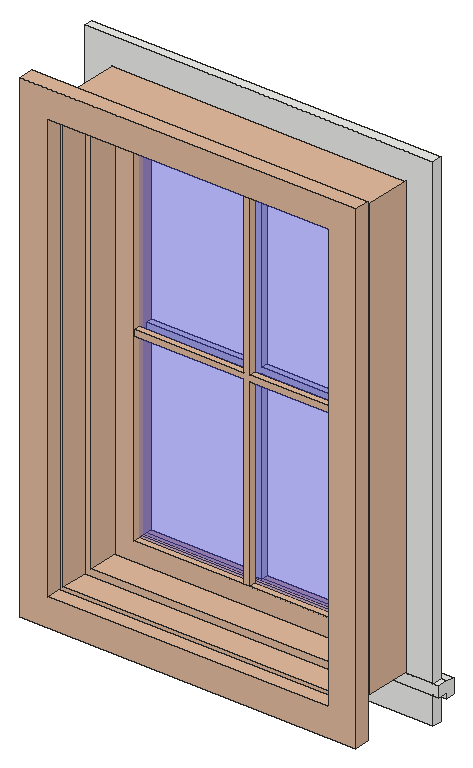
Revit family "14e2b16ae8e34031bfa141e82d20a8f4", category Windows, host Wall, Revit 2021
Family settings
  Host = Wall
  OmniClass Number = 23.30.20.00
  OmniClass Title = Windows
  Always vertical = Yes
  Cut with Voids When Loaded = No
  Shared = No
  Room Calculation Point = No
Parameters (values of type "24" x 36"")
  Window Inset [instance] = 0' - 0"
  Wall Thickness [instance] = 0' - 6"
  Visual Light Transmittance = 0.81
  Thermal Resistance (R) = 1.8146 (h·ft²·°F)/BTU
  Solar Heat Gain Coefficient = 0.76
  Rough Width = Width + 0' 0 1/2"  # 2' - 0 1/2"
  Rough Height = Height + 0' 0 1/2"  # 3' - 0 1/2"
  Muntin Visibility = yes
  Muntin Pattern = Muntin Pattern_2x2 : Muntin Pattern_2x2
  Interior Wall Closure [instance] = 0' - 2 1/4"
  Interior Trim Visibility [instance] = yes
  Interior Trim Material = Wood - Stained
  Interior Trim = Trim-Window-Interior-Flat : Picture Frame
  Interior Frame Material = Wood - Stained
  Height = 3' - 0"
  Heat Transfer Coefficient (U) = 0.5511 BTU/(h·ft²·°F)
  Glass Panel Material = Glass
  Frame Extension [instance] = if(Exterior Trim Visibility, Window Inset + 0' 0 1/4", 0' 0 1/4")  # 0' - 0 1/4"
  Fire Rating = "0.5h"
  Exterior Wall Closure [instance] = 0' - 1 1/4"
  Exterior Trim Visibility [instance] = yes
  Exterior Trim Material = Clad - White
  Exterior Trim = Trim-Window-Exterior-Flat : with Sill
  Exterior Frame Material = Clad - White
  Extension Jamb Visibility [instance] = and(Interior Trim Visibility, Wall Thickness - Window Inset > 0' 3 3/4")  # yes
  Extension Jamb [instance] = if(Wall Thickness - Window Inset > 0' 3 3/4", Wall Thickness - Window Inset - 0' 3 3/4", 0' 1")  # 0' - 2 1/4"
  Default Sill Height = 3' - 0"
  Wall Closure = By host
  Width = 2' - 0"
  Assembly Code = "B2020100"
  Analytic Construction = "Double glazing - domestic"
Reference planes (in)
  plane 1 "Center (Front/Back)": y = 0
  plane 2: z = 0
  plane 3 "Center (Left/Right)": x = 0
  plane 4 "Left": x = -12
  plane 5 "Right": x = 12
  plane 6 "Sill": z = 36
  plane 7 "Top": z = 72
  plane 8 "Exterior": y = 3
  plane 9 "Interior": y = -3
  plane 10 "Inset Face": y = 3
  plane 11 "Jamb": y = -0.75
  plane 12 "Sash Face": y = 3.5
  plane 13 "Wall Closure": y = -0.75
  plane 14: y = 2.25
  plane 15: z = 36.5
  plane 16: x = 11.5
  plane 17: x = 9.25
  plane 18: x = -9.25
  plane 19: x = -11.5
  plane 20: z = 71.5
  plane 21: z = 69.25
  plane 22: z = 38.75
  plane 23: y = 1.75
  plane 24: y = 3.75
  plane 25: y = 2.625
  plane 26 "Middle": z = 54
  plane 27: y = -0.75
  plane 28: y = 1.75
  plane 29: y = 3.75
Forms (in)
  Extrusion 1, solid, material "Wood - Stained" <- "Interior Frame Material", visible <- "Extension Jamb Visibility"
    sketch origin (0, 0, 0) x (1, 0, 0) y (0, 0, 1)
      loop
        line (12, 72) -> (-12, 72) -> (-12, 36) -> (12, 36) -> (12, 72)
      loop
        line (11.25, 71.25) -> (-11.25, 71.25) -> (-11.25, 36.75) -> (11.25, 36.75) -> (11.25, 71.25)
    from 0.75 to 3
  Sweep 2, solid, material "Wood - Stained" <- "Interior Frame Material"
    path origin (0, 3.5, 0) x (-1, 0, 0) y (0, 0, 1)
      loop
        line (-11.5, 71.5) -> (-11.5, 36.5) -> (11.5, 36.5) -> (11.5, 71.5) -> (-11.5, 71.5)
    profile origin (11.5, 3.5, 54) x (1, 0, 0) y (0, 1, 0)
      loop
        line (-2.25, 0) -> (-2.25, -1.75) -> (0, -1.75) -> (0, 0) -> (-2.25, 0)
  Extrusion 3, solid, material "Glass" <- "Glass Panel Material"
    sketch origin (0, 0, 36) x (0, -1, 0) y (1, 0, 0)
      loop
        line (-3, -9.25) -> (-2.75, -9.25) -> (-2.75, 9.25) -> (-3, 9.25) -> (-3, -9.25)
      loop
        line (-2.5, -9.25) -> (-2.25, -9.25) -> (-2.25, 9.25) -> (-2.5, 9.25) -> (-2.5, -9.25)
    from 2.75 to 33.25
  Sweep 4, solid, material "Wood - Stained" <- "Interior Frame Material"
    path origin (0, 0, 0) x (1, 0, 0) y (0, 0, 1)
      loop
        line (12, 72) -> (-12, 72) -> (-12, 36) -> (12, 36) -> (12, 72)
    profile origin (12, 0, 54) x (0, -1, 0) y (1, 0, 0)
      loop
        line (-3.75, -0.5) -> (-1.75, -0.5) -> (-1.75, -1.25) -> (0.75, -1.25) -> (0.75, 0) -> (-3.75, 0) -> (-3.75, -0.5)
Lines and regions (in)
  Opening 1
    outline origin (-60, -3, 0) x (1, 0, 0) y (0, 0, 1)
      loop
        line (48, 72) -> (48, 36) -> (72, 36) -> (72, 72) -> (48, 72)
  Split face 1
    outline origin (-9.25, 1.75, 38.75) x (1, 0, 0) y (0, 1, 0)
      loop
        line (0, 1.25) -> (18.5, 1.25)
  Split face 2
    outline origin (9.25, 1.75, 38.75) x (0, 0, 1) y (0, 1, 0)
      loop
        line (0, 1.25) -> (30.5, 1.25)
  Split face 3
    outline origin (-9.25, 1.75, 69.25) x (0, 0, -1) y (0, 1, 0)
      loop
        line (0, 1.25) -> (30.5, 1.25)
  Split face 4
    outline origin (9.25, 1.75, 69.25) x (0, 1, 0) y (-1, 0, 0)
      loop
        line (1.25, 18.5) -> (1.25, 0)
  Split face 5
    outline origin (-11.5, 3.75, 71.5) x (0, -1, 0) y (1, 0, 0)
      loop
        line (0.25, 23) -> (0.25, 0)
  Split face 6
    outline origin (11.5, 3.75, 71.5) x (0, 0, -1) y (0, -1, 0)
      loop
        line (0, 0.25) -> (35, 0.25)
  Split face 7
    outline origin (11.5, 3.75, 36.5) x (-1, 0, 0) y (0, -1, 0)
      loop
        line (23, 0.25) -> (0, 0.25)
  Split face 8
    outline origin (-11.5, 3.75, 36.5) x (0, 0, 1) y (0, -1, 0)
      loop
        line (0, 0.25) -> (35, 0.25)
  symbolic lines, style "Elevation Swing"
    curve 1: line (0, -3, 71.5) -> (11.5, -3, 36.5)
    curve 2: line (0, -3, 71.5) -> (-11.5, -3, 36.5)
Text (in)
  text "EXTERIOR" at (-58.6888, 50.90694, 0), in view "Ref. Level"
  text "INTERIOR" at (-58.6888, -37.76638, 0), in view "Ref. Level"
  text "Exterior" at (0, 43.65631, 123.19604), in view "Left"
  text "Exterior" at (0, 18.29385, 125.04747), in view "Right"
Dimensions and locks (in)
  equal spacing: plane 4 "Left", plane 3 "Center (Left/Right)", plane 5 "Right"
  "Width": plane 4 "Left" to plane 5 "Right"
  "Height": plane 6 "Sill" to plane 7 "Top"
  "Default Sill Height": plane 2 to plane 6 "Sill"
  "Window Inset": plane 8 "Exterior" to plane 10 "Inset Face"
  "Extension Jamb": plane 11 "Jamb" to plane 9 "Interior"
  locked: plane 12 "Sash Face" to plane 10 "Inset Face" at 0.5
  locked: plane 10 "Inset Face" to plane 13 "Wall Closure" at 3.75
  locked: plane 10 "Inset Face" to plane 14 at 0.75
  locked: plane 6 "Sill" to plane 15 at 0.5
  locked: plane 16 to plane 5 "Right" at 0.5
  locked: plane 17 to plane 16 at 2.25
  locked: plane 4 "Left" to plane 19 at 0.5
  locked: plane 19 to plane 18 at 2.25
  locked: plane 20 to plane 7 "Top" at 0.5
  equal spacing: Extrusion 3 sketch curve, Extrusion 3 sketch curve, Extrusion 3 sketch curve, Extrusion 3 sketch curve
  locked: plane 15 to plane 22 at 2.25
  locked: plane 21 to plane 20 at 2.25
  locked: plane 14 to plane 23 at 0.5
  locked: plane 24 to plane 8 "Exterior" at 0.75
  "Wall Thickness": host wall to host wall
  equal spacing: plane 10 "Inset Face", plane 25, plane 14
  equal spacing: plane 22, plane 26 "Middle", plane 21
  locked: Sweep 4 sketch curve to plane 16 at 0.75
  "Interior Wall Closure": plane 27 to plane 9 "Interior"
  "Exterior Wall Closure": plane 8 "Exterior" to plane 28
  "Frame Extension": plane 29 to plane 12 "Sash Face"
  aligned and locked: plane 7 "Top" to Opening 1 sketch curve
  aligned and locked: plane 6 "Sill" to Opening 1 sketch curve  (x2)
  aligned and locked: plane 5 "Right" to Opening 1 sketch curve
  aligned and locked: plane 4 "Left" to Opening 1 sketch curve
  aligned and locked: level to plane 2
  aligned and locked: plane 8 "Exterior" to host wall
  aligned and locked: plane 9 "Interior" to host wall
  aligned and locked: Extrusion 1 sketch curve to plane 6 "Sill"
  aligned and locked: plane 7 "Top" to Extrusion 1 sketch curve
  aligned and locked: plane 5 "Right" to Extrusion 1 sketch curve
  aligned and locked: Extrusion 1 sketch curve to plane 4 "Left"
  aligned and locked: Extrusion 1 to plane 9 "Interior"
  aligned and locked: plane 11 "Jamb" to Extrusion 1
  aligned and locked: plane 16 to Sweep 2 sketch curve
  aligned and locked: Sweep 2 sketch curve to plane 19
  aligned and locked: Sweep 2 sketch curve to plane 20
  aligned and locked: plane 15 to Sweep 2 sketch curve
  aligned and locked: plane 12 "Sash Face" to Sweep 2 sketch curve
  aligned and locked: Sweep 2 sketch curve to plane 16
  aligned and locked: plane 17 to Sweep 2 sketch curve
  aligned and locked: Extrusion 3 sketch curve to plane 10 "Inset Face"
  aligned and locked: plane 17 to Extrusion 3 sketch curve  (x2)
  aligned and locked: Extrusion 3 sketch curve to plane 18  (x2)
  aligned and locked: plane 21 to Extrusion 3
  aligned and locked: Extrusion 3 to plane 22
  aligned and locked: plane 18 to Split face 1 sketch curve
  aligned and locked: Split face 1 sketch curve to plane 10 "Inset Face"
  aligned and locked: plane 17 to Split face 1 sketch curve
  aligned and locked: plane 21 to Split face 2 sketch curve
  aligned and locked: plane 22 to Split face 2 sketch curve
  aligned and locked: Split face 2 sketch curve to plane 10 "Inset Face"
  aligned and locked: plane 22 to Split face 3 sketch curve
  aligned and locked: plane 21 to Split face 3 sketch curve
  aligned and locked: plane 10 "Inset Face" to Split face 3 sketch curve
  aligned and locked: plane 18 to Split face 4 sketch curve
  aligned and locked: plane 17 to Split face 4 sketch curve
  aligned and locked: Split face 4 sketch curve to plane 10 "Inset Face"
  aligned and locked: plane 3 "Center (Left/Right)" to curve 1
  aligned and locked: plane 16 to curve 1
  aligned and locked: plane 15 to curve 1
  aligned and locked: plane 20 to curve 2
  aligned and locked: plane 15 to curve 2
  aligned and locked: plane 19 to curve 2
  aligned and locked: nested 1 to plane 25
  aligned and locked: plane 22 to nested 1
  aligned and locked: nested 2 to plane 4 "Left"
  aligned and locked: plane 9 "Interior" to nested 2
  aligned and locked: Sweep 4 sketch curve to host wall  (x4)
  aligned and locked: plane 5 "Right" to Sweep 4 sketch curve
  aligned and locked: Sweep 4 sketch curve to plane 16
  aligned and locked: plane 13 "Wall Closure" to Sweep 4 sketch curve
  aligned and locked: Sweep 2 to Sweep 4 sketch curve
  aligned and locked: plane 23 to Sweep 2 sketch curve
  aligned and locked: Split face 5 sketch curve to Sweep 2
  aligned and locked: Split face 6 sketch curve to Sweep 2
  aligned and locked: Split face 7 sketch curve to Sweep 2
  aligned and locked: Split face 8 sketch curve to Sweep 2
  aligned and locked: plane 21 to nested 1
  aligned and locked: nested 1 to plane 18
  aligned and locked: nested 1 to plane 17
  aligned and locked: plane 7 "Top" to nested 3
  aligned and locked: plane 7 "Top" to nested 4
  aligned and locked: nested 3 to plane 3 "Center (Left/Right)"
  aligned and locked: plane 3 "Center (Left/Right)" to nested 4
  aligned and locked: Sweep 4 sketch curve to plane 29
Automatic sketch dimensions
  Extrusion 3 sketch curve to plane 14 = 0' - 0"
  Split face 5 sketch curve to Sweep 4 = 0' - 0"  (x2)
  Sweep 4 to Split face 6 sketch curve = 0' - 0"
  Split face 6 sketch curve to Sweep 4 = 0' - 0"
  Split face 7 sketch curve to Sweep 4 = 0' - 0"  (x2)
  Split face 8 sketch curve to Sweep 4 = 0' - 0"
  Sweep 4 to Split face 8 sketch curve = 0' - 0"
  Extrusion 1 sketch curve to plane 19 = 0' - 0 1/4"
  plane 16 to Extrusion 1 sketch curve = 0' - 0 1/4"
  plane 15 to Extrusion 1 sketch curve = 0' - 0 1/4"
  Extrusion 1 sketch curve to plane 20 = 0' - 0 1/4"
Nested families (in)
  nested 1: "Muntin Pattern_2x2" at (0, 2.625, 38.75), visible <- "Muntin Visibility", Exterior Material <- "Exterior Frame Material", Interior Material <- "Interior Frame Material", type <- "Muntin Pattern", type "Muntin Pattern_2x2"
    with Width 1' - 6 1/2", Interior Material Wood - Stained, Height 2' - 6 1/2", Exterior Material Clad - White
  nested 2: "Plan-Awning" at (0, 3, 36), Window Inset <- "Window Inset", Width <- "Width", Wall Thickness <- "Wall Thickness", Height <- "Height", type "Plan-Awning"
    with Window Inset of 3D 0' - 0", Window Inset 0' - 0", Width 2' - 0", Wall Thickness 0' - 6", Top Line yes, Right Line yes, Left Line yes, Height 3' - 0", Bottom Line yes
  nested 3: "Trim-Window-Exterior-Flat" at (0, 3, 72) x (-1, 0, 0) z (0, 1, 0), visible <- "Exterior Trim Visibility", Trim Material <- "Exterior Trim Material", Opening Width <- "Width", Opening Height <- "Height", type <- "Exterior Trim", type "with Sill"
    with Trim Material Clad - White, Opening Width 2' - 0", Opening Height 3' - 0"
  nested 4: "Trim-Window-Interior-Flat" at (0, -3, 72) x (1, 0, 0) z (0, -1, 0), visible <- "Interior Trim Visibility", Trim Material <- "Interior Trim Material", Opening Width <- "Width", Opening Height <- "Height", type <- "Interior Trim", type "Picture Frame"
    with Trim Material Wood - Stained, Opening Width 2' - 0", Opening Height 3' - 0"
Definition of nested family "Muntin Pattern_2x2"
  Parameters (values of type "Muntin Pattern_2x2")
    Width [instance] = 4' - 0"
    Thickness = 0' - 0 1/2"
    Height [instance] = 4' - 0"
    Interior Material [instance] = none
    Exterior Material [instance] = none
    Distance = 0' - 0 3/4"
    Default Elevation = 0' - 0"
  Reference planes (in)
    plane 1 "Center (Front/Back)": y = 0
    plane 2: z = 0
    plane 3 "Center (Left/Right)": x = 0
    plane 4: z = 48
    plane 5: x = -24
    plane 6: x = 24
    plane 7: z = 24
    plane 8: y = 0.375
    plane 9: y = 0.875
    plane 10: y = -0.375
    plane 11: y = -0.875
  Forms (in)
    Extrusion 1, solid, material <- "Interior Material", detail levels fine
      sketch origin (0, 0, 0) x (1, 0, 0) y (0, 0, 1)
        loop
          line (-24, 24.25) -> (-24, 23.75) -> (-0.25, 23.75) -> (-0.25, 0) -> (0.25, 0) -> (0.25, 23.75) -> (24, 23.75) -> (24, 24.25) -> (0.25, 24.25) -> (0.25, 48) -> (-0.25, 48) -> (-0.25, 24.25) -> (-24, 24.25)
      from 0.375 to 0.875
    Extrusion 2, solid, material <- "Exterior Material", detail levels fine
      sketch origin (0, 0, 0) x (1, 0, 0) y (0, 0, -1)
        loop
          line (-24, -24.25) -> (-0.25, -24.25) -> (-0.25, -48) -> (0.25, -48) -> (0.25, -24.25) -> (24, -24.25) -> (24, -23.75) -> (0.25, -23.75) -> (0.25, 0) -> (-0.25, 0) -> (-0.25, -23.75) -> (-24, -23.75) -> (-24, -24.25)
      from 0.375 to 0.875
  Lines and regions (in)
    model lines, detail levels medium
      curve 1: line (0, 0.375, 48) -> (0, 0.375, 0)
      curve 2: line (-24, -0.375, 24) -> (24, -0.375, 24)
      curve 3: line (-24, 0.375, 24) -> (24, 0.375, 24)
      curve 4: line (0, -0.375, 48) -> (0, -0.375, 0)
  Dimensions and locks (in)
    equal spacing: plane 6, plane 3 "Center (Left/Right)", plane 5
    "Width": plane 6 to plane 5
    "Height": plane 4 to plane 2
    equal spacing: plane 4, plane 7, plane 2
    locked: plane 3 "Center (Left/Right)" to Extrusion 1 sketch curve at 0.25  (x4)
    locked: Extrusion 1 sketch curve to plane 7 at 0.25  (x2)
    locked: plane 7 to Extrusion 1 sketch curve at 0.25  (x2)
    "Thickness": plane 9 to plane 8
    "Thickness": plane 10 to plane 11
    "Distance": plane 8 to plane 10
    equal spacing: plane 8, plane 1 "Center (Front/Back)", plane 10
    aligned and locked: plane 2 to level
    aligned and locked: plane 4 to curve 1
    aligned and locked: plane 5 to curve 2
    aligned and locked: plane 2 to curve 1
    aligned and locked: plane 6 to curve 2
    aligned and locked: Extrusion 1 sketch curve to plane 4
    aligned and locked: Extrusion 1 sketch curve to plane 6
    aligned and locked: Extrusion 1 sketch curve to plane 5
    aligned and locked: Extrusion 1 sketch curve to level
    aligned and locked: Extrusion 1 to plane 11
    aligned and locked: plane 10 to Extrusion 1
    aligned and locked: Extrusion 2 to plane 5
    aligned and locked: plane 6 to Extrusion 2
    aligned and locked: Extrusion 2 to plane 8
    aligned and locked: plane 9 to Extrusion 2
    aligned and locked: Extrusion 2 to plane 2
    aligned and locked: plane 4 to Extrusion 2
    aligned and locked: plane 5 to curve 3
    aligned and locked: plane 6 to curve 3
    aligned and locked: plane 4 to curve 4
    aligned and locked: plane 2 to curve 4
    aligned and locked: plane 8 to curve 3
  Automatic sketch dimensions
    curve 2 to plane 7 = 0' - 0"
    Extrusion 2 sketch curve to plane 5 = 0' - 0"
    Extrusion 2 sketch curve to level = 0' - 0"
    Extrusion 2 sketch curve to plane 4 = 0' - 0"
    Extrusion 2 sketch curve to plane 6 = 0' - 0"
    Extrusion 2 sketch curve to plane 3 "Center (Left/Right)" = 0' - 0 1/4"  (x2)
    plane 3 "Center (Left/Right)" to Extrusion 2 sketch curve = 0' - 0 1/4"  (x2)
    plane 7 to Extrusion 2 sketch curve = 0' - 0 1/4"  (x2)
    Extrusion 2 sketch curve to plane 7 = 0' - 0 1/4"  (x2)
    curve 4 to plane 3 "Center (Left/Right)" = 0' - 0"
    curve 4 to level = 0' - 0"
    curve 4 to plane 4 = 0' - 0"
    curve 3 to plane 6 = 0' - 0"
    curve 1 to plane 3 "Center (Left/Right)" = 0' - 0"
    curve 3 to plane 5 = 0' - 0"
    curve 3 to plane 7 = 0' - 0"
Definition of nested family "Trim-Window-Exterior-Flat"
  Parameters (values of type "with Sill")
    Trim Width = 0' - 2 1/4"
    Trim Thickness_Picture Frame = 0' - 1 1/4"
    Trim Thickness_with Sill = 0' - 0 3/4"
    Trim Material [instance] = none
    Sill Thickness = 0' - 1 1/4"
    Sill = yes
    Picture Frame = no
    Opening Width [instance] = 2' - 0"
    Opening Height [instance] = 3' - 0"
    Default Elevation = 4' - 0"
  Types (2): name | Sill | Picture Frame
    with Sill | yes | no
    Picture Frame | no | yes
  Reference planes (in)
    plane 1 "Center (Front/Back)": y = 0
    plane 2: z = 0
    plane 3 "Center (Left/Right)": x = 0
    plane 4: y = 2.25
    plane 5 "Left": x = -12
    plane 6 "Right": x = 12
    plane 7 "Bottom": y = -36
    plane 8: y = -37.25
    plane 9: y = -39.12332
    plane 10: x = 14.25
    plane 11: x = -14.25
    plane 12: z = 0.75
    plane 13: z = 1.25
    plane 14: x = 14.75
    plane 15: x = -14.75
    plane 16: y = -36.87332
    plane 17: y = -38.25
    plane 18: z = 0.5
    plane 19: y = -18
    plane 20: z = 1.5
  Forms (in)
    Extrusion 1, solid
      sketch origin (0, 0, 0) x (1, 0, 0) y (0, 1, 0)
        loop
          line (-14.25, 2.25) -> (-14.25, -39.12332) -> (14.25, -39.12332) -> (14.25, 2.25) -> (-14.25, 2.25)
      from 0 to -12
    Extrusion 2, solid, material <- "Trim Material", visible <- "Sill"
      sketch origin (0, 0, 0) x (1, 0, 0) y (0, 1, 0)
        loop
          line (-14.25, -36) -> (-12, -36) -> (-12, 0) -> (12, 0) -> (12, -36) -> (14.25, -36) -> (14.25, 2.25) -> (-14.25, 2.25) -> (-14.25, -36)
      from 0 to 0.75
    Extrusion 3, solid, material <- "Trim Material", visible <- "Sill"
      sketch origin (0, 0, 0) x (0, 1, 0) y (0, 0, 1)
        loop
          line (-36.09677, 1.5) -> (-37.25, 1.5) -> (-37.25, 0.75) -> (-36.87332, 0.75) -> (-36.87332, 0) -> (-36, 0) -> (-36, 0.75) -> (-36.09677, 1.5)
      from -14.75 to 14.75
    Extrusion 4, solid, material <- "Trim Material", visible <- "Sill"
      sketch origin (0, 0, 0) x (1, 0, 0) y (0, 1, 0)
        loop
          line (-14.25, -36.87332) -> (-14.25, -39.12332) -> (14.25, -39.12332) -> (14.25, -36.87332) -> (-14.25, -36.87332)
      from 0 to 0.75
    Extrusion 5, solid, material <- "Trim Material", visible <- "Picture Frame"
      sketch origin (0, 0, 0) x (1, 0, 0) y (0, 1, 0)
        loop
          line (-12, 0) -> (-12, -36) -> (12, -36) -> (12, 0) -> (-12, 0)
        loop
          line (-14.25, 2.25) -> (-14.25, -38.25) -> (14.25, -38.25) -> (14.25, 2.25) -> (-14.25, 2.25)
      from 0 to 1.25
  Dimensions and locks (in)
    equal spacing: plane 5 "Left", plane 3 "Center (Left/Right)", plane 6 "Right"
    "Opening Width": plane 5 "Left" to plane 6 "Right"
    "Opening Height": plane 7 "Bottom" to plane 1 "Center (Front/Back)"
    "Sill Thickness": plane 7 "Bottom" to plane 8
    "Trim Width": plane 11 to plane 5 "Left"
    "Trim Width": plane 6 "Right" to plane 10
    "Trim Width": plane 1 "Center (Front/Back)" to plane 4
    locked: plane 15 to plane 11 at 0.5
    locked: plane 10 to plane 14 at 0.5
    locked: plane 16 to plane 8 at 0.37668
    "Trim Width": plane 9 to plane 16
    "Trim Width": plane 17 to plane 7 "Bottom"
    locked: plane 18 to plane 2 at 0.5
    equal spacing: plane 7 "Bottom", plane 19, plane 1 "Center (Front/Back)"
    locked: plane 20 to plane 12 at 0.75
    "Trim Thickness_with Sill": plane 12 to plane 2
    "Trim Thickness_Picture Frame": plane 13 to plane 2
    aligned and locked: plane 2 to Extrusion 1
    aligned and locked: level to Extrusion 1
    aligned and locked: Extrusion 2 sketch curve to plane 5 "Left"
    aligned and locked: Extrusion 2 sketch curve to plane 11
    aligned and locked: plane 7 "Bottom" to Extrusion 2 sketch curve  (x2)
    aligned and locked: plane 1 "Center (Front/Back)" to Extrusion 2 sketch curve
    aligned and locked: plane 10 to Extrusion 2 sketch curve
    aligned and locked: Extrusion 2 sketch curve to plane 6 "Right"
    aligned and locked: plane 12 to Extrusion 2
    aligned and locked: Extrusion 3 sketch curve to level
    aligned and locked: plane 7 "Bottom" to Extrusion 3 sketch curve
    aligned and locked: Extrusion 3 sketch curve to plane 8
    aligned and locked: plane 15 to Extrusion 3
    aligned and locked: Extrusion 3 to plane 14
    aligned and locked: plane 10 to Extrusion 4 sketch curve
    aligned and locked: Extrusion 4 sketch curve to plane 11
    aligned and locked: plane 16 to Extrusion 4 sketch curve
    aligned and locked: plane 9 to Extrusion 4 sketch curve
    aligned and locked: Extrusion 4 to Extrusion 2
    aligned and locked: Extrusion 2 sketch curve to plane 4
    aligned and locked: plane 1 "Center (Front/Back)" to Extrusion 5 sketch curve
    aligned and locked: Extrusion 5 sketch curve to plane 4
    aligned and locked: Extrusion 5 sketch curve to plane 17
    aligned and locked: plane 7 "Bottom" to Extrusion 5 sketch curve
    aligned and locked: Extrusion 5 sketch curve to plane 6 "Right"
    aligned and locked: plane 10 to Extrusion 5 sketch curve
    aligned and locked: Extrusion 5 sketch curve to plane 5 "Left"
    aligned and locked: Extrusion 5 sketch curve to plane 11
    aligned and locked: plane 13 to Extrusion 5
    aligned and locked: plane 20 to Extrusion 3
  Automatic sketch dimensions
    Extrusion 1 sketch curve to Extrusion 1 sketch curve = 2' - 4 1/2"
    Extrusion 1 sketch curve to Extrusion 1 sketch curve = 3' - 5.37332"
    Extrusion 3 sketch curve to plane 16 = 0' - 0"
    Extrusion 3 sketch curve to plane 12 = 0' - 0"  (x2)
    Extrusion 3 sketch curve to plane 7 "Bottom" = 0' - 0.09677"
    plane 13 to Extrusion 3 sketch curve = 0' - 0 1/4"
Definition of nested family "Trim-Window-Interior-Flat"
  Parameters (values of type "with Sill")
    Trim Thickness_Picture Frame = 0' - 1 1/4"
    Trim Width = 0' - 2 1/4"
    Trim Thickness_with Sill = 0' - 0 3/4"
    Trim Material [instance] = none
    Sill Thickness = 0' - 1 1/4"
    Sill = yes
    Picture Frame = no
    Opening Width [instance] = 2' - 0"
    Opening Height [instance] = 3' - 0"
    Default Elevation = 4' - 0"
  Types (2): name | Sill | Picture Frame
    with Sill | yes | no
    Picture Frame | no | yes
  Reference planes (in)
    plane 1 "Center (Front/Back)": y = 0
    plane 2: z = 0
    plane 3 "Center (Left/Right)": x = 0
    plane 4: y = 1.75
    plane 5 "Left": x = -12
    plane 6 "Right": x = 12
    plane 7 "Bottom": y = -36
    plane 8: y = -37.25
    plane 9: y = -39.12332
    plane 10: x = 13.75
    plane 11: x = -13.75
    plane 12: z = 0.75
    plane 13: z = 1.25
    plane 14: x = 14.25
    plane 15: x = -14.25
    plane 16: y = -36.87332
    plane 17: y = -37.75
    plane 18: z = 0.5
    plane 19: x = -11.5
    plane 20: y = -0.5
    plane 21: x = 11.5
    plane 22: y = -35.5
    plane 23: x = -13.25
    plane 24: x = 13.25
    plane 25: y = -18
  Forms (in)
    Extrusion 1, solid
      sketch origin (0, 0, 0) x (1, 0, 0) y (0, 1, 0)
        loop
          line (-13.75, 1.75) -> (-13.75, -37.75) -> (13.75, -37.75) -> (13.75, 1.75) -> (-13.75, 1.75)
      from 0 to -12
    Extrusion 2, solid, material <- "Trim Material", visible <- "Sill"
      sketch origin (0, 0, 0) x (1, 0, 0) y (0, 1, 0)
        loop
          line (-13.25, -36) -> (-11.5, -36) -> (-11.5, 0) -> (11.5, 0) -> (11.5, -36) -> (13.25, -36) -> (13.25, 1.75) -> (-13.25, 1.75) -> (-13.25, -36)
      from 0 to 0.75
    Extrusion 3, solid, material <- "Trim Material", visible <- "Sill"
      sketch origin (0, 0, 0) x (0, 1, 0) y (0, 0, 1)
        loop
          line (-36.5, 1.5) -> (-36.87332, 1.5) -> (-36.87332, 0) -> (-36, 0) -> (-36, 1)
          arc (-36, 1) -> (-36.14645, 1.35355) -> (-36.5, 1.5) r 0.5
      from -13.75 to 13.75
    Extrusion 4, solid, material <- "Trim Material", visible <- "Sill"
      sketch origin (0, 0, 0) x (1, 0, 0) y (0, 1, 0)
        loop
          line (-13.25, -36.87332) -> (-13.25, -39.12332) -> (13.25, -39.12332) -> (13.25, -36.87332) -> (-13.25, -36.87332)
      from 0 to 0.75
    Extrusion 5, solid, material <- "Trim Material", visible <- "Picture Frame"
      sketch origin (0, 0, 0) x (1, 0, 0) y (0, 1, 0)
        loop
          line (-11.5, -0.5) -> (-11.5, -35.5) -> (11.5, -35.5) -> (11.5, -0.5) -> (-11.5, -0.5)
        loop
          line (-13.75, 1.75) -> (-13.75, -37.75) -> (13.75, -37.75) -> (13.75, 1.75) -> (-13.75, 1.75)
      from 0 to 1.25
  Dimensions and locks (in)
    equal spacing: plane 5 "Left", plane 3 "Center (Left/Right)", plane 6 "Right"
    "Opening Width": plane 5 "Left" to plane 6 "Right"
    "Opening Height": plane 7 "Bottom" to plane 1 "Center (Front/Back)"
    "Sill Thickness": plane 7 "Bottom" to plane 8
    "Trim Width": plane 11 to plane 19
    "Trim Width": plane 21 to plane 10
    "Trim Width": plane 20 to plane 4
    "Trim Thickness_with Sill": plane 12 to plane 2
    locked: plane 15 to plane 11 at 0.5
    locked: plane 10 to plane 14 at 0.5
    locked: plane 16 to plane 8 at 0.37668
    "Trim Width": plane 9 to plane 16
    "Trim Width": plane 17 to plane 22
    plane 20 to plane 1 "Center (Front/Back)" = 0' - 0 1/2"
    plane 5 "Left" to plane 19 = 0' - 0 1/2"
    plane 21 to plane 6 "Right" = 0' - 0 1/2"
    plane 22 to plane 7 "Bottom" = 0' - 0 1/2"
    locked: plane 11 to plane 23 at 0.5
    locked: plane 24 to plane 10 at 0.5
    equal spacing: plane 7 "Bottom", plane 25, plane 1 "Center (Front/Back)"
    "Trim Thickness_Picture Frame": plane 13 to plane 2
    locked: Extrusion 3 to plane 12 at 0.75
    locked: plane 12 to Extrusion 3 sketch curve at 0.75
    radius of Extrusion 3 sketch curve = 0' - 0 1/2"
    aligned and locked: plane 2 to Extrusion 1
    aligned and locked: level to Extrusion 1
    aligned and locked: plane 7 "Bottom" to Extrusion 2 sketch curve  (x2)
    aligned and locked: plane 1 "Center (Front/Back)" to Extrusion 2 sketch curve
    aligned and locked: plane 12 to Extrusion 2
    aligned and locked: Extrusion 3 sketch curve to level
    aligned and locked: plane 7 "Bottom" to Extrusion 3 sketch curve
    aligned and locked: plane 16 to Extrusion 4 sketch curve
    aligned and locked: plane 9 to Extrusion 4 sketch curve
    aligned and locked: Extrusion 2 sketch curve to plane 4
    aligned and locked: Extrusion 5 sketch curve to plane 4
    aligned and locked: Extrusion 5 sketch curve to plane 17
    aligned and locked: plane 10 to Extrusion 5 sketch curve
    aligned and locked: Extrusion 5 sketch curve to plane 11
    aligned and locked: plane 13 to Extrusion 5
    aligned and locked: Extrusion 5 sketch curve to plane 20
    aligned and locked: Extrusion 5 sketch curve to plane 19
    aligned and locked: Extrusion 5 sketch curve to plane 21
    aligned and locked: plane 22 to Extrusion 5 sketch curve
    aligned and locked: Extrusion 4 to plane 24
    aligned and locked: plane 11 to Extrusion 3
    aligned and locked: Extrusion 3 to plane 10
    aligned and locked: Extrusion 2 sketch curve to plane 21
    aligned and locked: Extrusion 2 sketch curve to plane 24
    aligned and locked: Extrusion 2 sketch curve to plane 19
    aligned and locked: Extrusion 2 sketch curve to plane 23
    aligned and locked: plane 12 to Extrusion 4
  Automatic sketch dimensions
    Extrusion 1 sketch curve to Extrusion 1 sketch curve = 2' - 3 1/2"
    Extrusion 1 sketch curve to Extrusion 1 sketch curve = 3' - 3 1/2"
    Extrusion 3 sketch curve to plane 16 = 0' - 0"
    Extrusion 4 sketch curve to plane 11 = 0' - 0 1/2"
    Extrusion 4 sketch curve to plane 24 = 0' - 0"
Definition of nested family "Plan-Awning"
  Parameters (values of type "Plan-Awning")
    Window Inset [instance] = 0' - 2"
    Window Inset of 3D [instance] = if(Window Inset - 0' 0 1/2" < 0' 0", 0' 0", if(Window Inset - 0' 0 1/2" < Wall Thickness - 0' 3 1/2", Window Inset - 0' 0 1/2", Wall Thickness - 0' 3 1/2"))  # 0' - 1 1/2"
    Width [instance] = 4' - 0"
    Wall Thickness [instance] = 0' - 6"
    Top Line [instance] = yes
    Rough Width = 3' - 0 1/2"
    Rough Height = 3' - 0 1/2"
    Right Line [instance] = yes
    Left Line [instance] = yes
    Height [instance] = 4' - 0"
    Default Elevation = 4' - 0"
    Bottom Line [instance] = yes
    Analytic Construction = "<None>"
  Reference planes (in)
    plane 1 "Center (Front/Back)": y = 0
    plane 2: z = 0
    plane 3 "Center (Left/Right)": x = 0
    plane 4: x = -24
    plane 5: x = 24
    plane 6 "Jamb": y = -5
    plane 7: x = -23.5
    plane 8: x = -22.75
    plane 9: y = -1.5
    plane 10: y = -3.25
    plane 11: y = -2.375
    plane 12: x = -21.25
    plane 13: x = 23.5
    plane 14: x = 22.75
    plane 15: x = 21.25
    plane 16 "Window Inset": y = -2
    plane 17 "Wall": y = -6
    plane 18: z = 48
    plane 19: z = 47.5
    plane 20: z = 0.5
    plane 21: z = 46.75
    plane 22: z = 1.25
    plane 23: z = 45.25
    plane 24: z = 2.75
    plane 25: z = 24
  Lines and regions (in)
    Masking region 1
      outline origin (0, 0.75, 0) x (1, 0, 0) y (0, 1, 0)
        loop
          line (-24, -6.75) -> (24, -6.75) -> (24, -0.75) -> (-24, -0.75) -> (-24, -6.75)
    Masking region 2
      outline origin (0, 0, 0) x (0, 1, 0) y (0, 0, 1)
        loop
          line (-6, 48) -> (-6, 0) -> (0, 0) -> (0, 48) -> (-6, 48)
    symbolic lines
      curve 1: line (-23.5, -3.25, 0) -> (-22.75, -3.25, 0)
      curve 2: line (-22.75, -3.25, 0) -> (-22.75, -5, 0)
      curve 3: line (-23.5, -1.5, 0) -> (-23.5, -3.25, 0)
      curve 4: line (-21.25, -1.5, 0) -> (-21.25, -3.25, 0)
      curve 5: line (-21.25, -3.25, 0) -> (-22.75, -3.25, 0)
      curve 6: line (-21.25, -2.375, 0) -> (21.25, -2.375, 0)
      curve 7: line (22.75, -3.25, 0) -> (22.75, -5, 0)
      curve 8: line (23.5, -1.5, 0) -> (23.5, -3.25, 0)
      curve 9: line (21.25, -1.5, 0) -> (21.25, -3.25, 0)
      curve 10: line (21.25, -3.25, 0) -> (23.5, -3.25, 0)
      curve 11: line (-24, -5, 0) -> (-22.75, -5, 0)
      curve 12: line (22.75, -5, 0) -> (-22.75, -5, 0)
      curve 13: line (0, -3.25, 46.75) -> (0, -5, 46.75)
      curve 14: line (0, -5, 0) -> (0, -5, 1.25)
      curve 15: line (0, -1.5, 0.5) -> (0, -3.25, 0.5)
      curve 16: line (0, -3.25, 0.5) -> (0, -3.25, 2.75)
      curve 17: line (0, -3.25, 1.25) -> (0, -5, 1.25)
      curve 18: line (0, -1.5, 48) -> (0, -1.5, 45.25)
      curve 19: line (0, -1.5, 45.25) -> (0, -3.25, 45.25)
      curve 20: line (0, -3.25, 2.75) -> (0, -1.5, 2.75)
      curve 21: line (0, -2.375, 2.75) -> (0, -2.375, 45.25)
      curve 22: line (0, -3.25, 47.5) -> (0, -3.25, 45.25)
      curve 23: line (21.25, -1.5, 0) -> (24, -1.5, 0)
      curve 24: line (21.25, -1.5, 0) -> (-21.25, -1.5, 0)
      curve 25: line (0, -1.5, 2.75) -> (0, -1.5, 0)
      curve 26: line (-21.25, -1.5, 0) -> (-24, -1.5, 0)
      curve 27: line (0, -1.5, 45.25) -> (0, -1.5, 2.75)
      curve 32: line (22.75, -5, 0) -> (24, -5, 0)
      curve 33: line (0, -1.5, 47.5) -> (0, -3.25, 47.5)
      curve 34: line (0, -5, 46.75) -> (0, -5, 48)
      curve 35: line (0, -5, 1.25) -> (0, -5, 46.75)
      curve 36: line (0, -3.25, 47.5) -> (0, 20.25, 6.79681)
      curve 37: arc (0, -3.25, 0.5) -> (0, 8.9145, 2.10149) -> (0, 20.25, 6.79681) r 47
    symbolic lines, visible <- "Top Line"
      curve 28: line (0, 0, 48) -> (0, -6, 48)
    symbolic lines, visible <- "Bottom Line"
      curve 29: line (0, 0, 0) -> (0, -6, 0)
    symbolic lines, visible <- "Left Line"
      curve 30: line (-24, 0, 0) -> (-24, -6, 0)
    symbolic lines, visible <- "Right Line"
      curve 31: line (24, 0, 0) -> (24, -6, 0)
  Dimensions and locks (in)
    "Width": plane 4 to plane 5
    equal spacing: plane 4, plane 3 "Center (Left/Right)", plane 5
    plane 4 to plane 7 to plane 8 = 0' - 0 1/2" locked, 0' - 0 3/4" locked
    equal spacing: plane 9, plane 11, plane 10
    locked: plane 7 to plane 12 at 2.25
    plane 5 to plane 13 to plane 14 = 0' - 0 1/2" locked, 0' - 0 3/4" locked
    locked: plane 13 to plane 15 at 2.25
    locked: plane 9 to plane 16 "Window Inset" at 0.5
    locked: plane 9 to plane 10 at 1.75
    "Wall Thickness": plane 17 "Wall" to plane 1 "Center (Front/Back)"
    "Height": plane 18 to plane 2
    locked: plane 18 to plane 19 at 0.5
    locked: plane 20 to plane 2 at 0.5
    locked: plane 19 to plane 21 at 0.75
    locked: plane 22 to plane 20 at 0.75
    locked: plane 19 to plane 23 at 2.25
    locked: plane 24 to plane 20 at 2.25
    locked: plane 10 to plane 6 "Jamb" at 1.75
    "Window Inset of 3D": plane 9 to plane 1 "Center (Front/Back)"
    equal spacing: plane 18, plane 25, plane 2
    locked: plane 10 to curve 36 (angle 30.00°)
    aligned and locked: plane 2 to level
    aligned and locked: curve 2 to plane 8
    aligned and locked: curve 1 to plane 10
    aligned and locked: plane 4 to Masking region 1 sketch curve
    aligned and locked: Masking region 1 sketch curve to plane 5
    aligned and locked: plane 14 to curve 7
    aligned and locked: Masking region 1 sketch curve to plane 17 "Wall"
    aligned and locked: plane 1 "Center (Front/Back)" to Masking region 1 sketch curve
    aligned and locked: Masking region 2 sketch curve to plane 18
    aligned and locked: plane 17 "Wall" to Masking region 2 sketch curve
    aligned and locked: level to Masking region 2 sketch curve
    aligned and locked: plane 6 "Jamb" to curve 14
    aligned and locked: plane 21 to curve 13
    aligned and locked: plane 22 to curve 17  (x2)
    aligned and locked: plane 10 to curve 16  (x2)
    aligned and locked: plane 20 to curve 15
    aligned and locked: curve 18 to plane 9
    aligned and locked: plane 23 to curve 19
    aligned and locked: curve 20 to plane 24
    aligned and locked: plane 11 to curve 21
    aligned and locked: plane 18 to curve 18
    aligned and locked: plane 9 to curve 15
    aligned and locked: plane 9 to curve 3
    aligned and locked: plane 19 to curve 22
    aligned and locked: plane 23 to curve 22
    aligned and locked: plane 9 to curve 24
    aligned and locked: plane 4 to curve 26
    aligned and locked: plane 9 to curve 25
    aligned and locked: plane 2 to curve 25
    aligned and locked: curve 4 to plane 12
    aligned and locked: plane 24 to curve 27
    aligned and locked: plane 1 "Center (Front/Back)" to curve 28
    aligned and locked: plane 17 "Wall" to curve 28
    aligned and locked: curve 28 to plane 18
    aligned and locked: plane 17 "Wall" to curve 29
    aligned and locked: plane 1 "Center (Front/Back)" to curve 29
    aligned and locked: curve 29 to plane 2
    aligned and locked: plane 4 to curve 11
    aligned and locked: plane 17 "Wall" to curve 31
    aligned and locked: curve 31 to plane 5
    aligned and locked: plane 5 to curve 32
    aligned and locked: plane 14 to curve 32
    aligned and locked: curve 32 to plane 6 "Jamb"
    aligned and locked: plane 17 "Wall" to curve 30
    aligned and locked: plane 9 to curve 33
    aligned and locked: plane 10 to curve 33
    aligned and locked: curve 33 to plane 19
    aligned and locked: plane 1 "Center (Front/Back)" to curve 31
    aligned and locked: plane 1 "Center (Front/Back)" to curve 30
    aligned and locked: plane 22 to curve 35
    aligned and locked: plane 21 to curve 34
    aligned and locked: curve 35 to plane 6 "Jamb"
    aligned and locked: curve 34 to plane 6 "Jamb"
    aligned and locked: plane 20 to curve 37
    aligned and locked: plane 19 to curve 37
    aligned and locked: plane 10 to curve 37
  Automatic sketch dimensions
    curve 3 to plane 7 = 0' - 0"
    curve 9 to plane 15 = 0' - 0"
    curve 8 to plane 10 = 0' - 0"
    curve 8 to plane 13 = 0' - 0"
    curve 6 to plane 11 = 0' - 0"
    Masking region 2 sketch curve to plane 1 "Center (Front/Back)" = 0' - 0"
    curve 13 to plane 6 "Jamb" = 0' - 0"
    curve 17 to plane 6 "Jamb" = 0' - 0"
